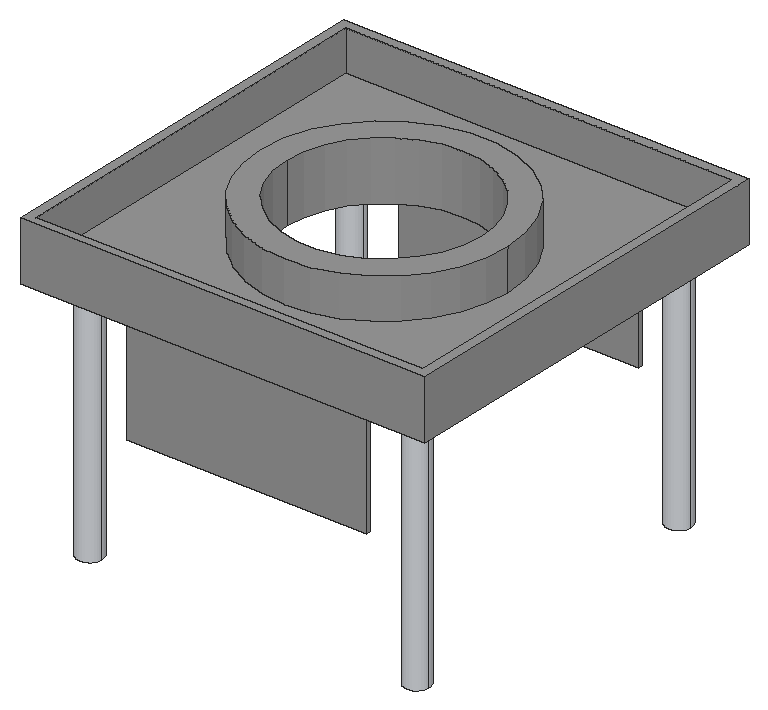
Revit family "Nivellierbare Schwerlastkassette für Tubus, RKFNSL, 20, 4", category Generic Models, Revit 2015
Parameters (values of type "RKFN2 4 VMSL1N20")
  Width = 199 mm
  URL = "http://www.obo-bettermann.com"
  Material = Stainless Steel, Polished
  Manufacturer Art.No. = "7409384"
  Manufacturer = "OBO Bettermann"
  Length = 199 mm
  HeightCalc = if(Height < 105 mm, 105 mm, (if(Height > 155 mm, 155 mm, Height)))  # 150 mm
  Height 1 = 29 mm
  Height = 150 mm
  GTIN = "4012195869207"
  Cut depth = 20 mm
  Article Type = "RKFN2 4 VMSL1N20"
Reference planes
  plane 1 "Center (Front/Back)": y = 0
  plane 2: z = 0
  plane 3 "Center (Left/Right)": x = 0
  plane 4: z = 121
  plane 5: y = 99.5
  plane 6: y = -99.5
  plane 7: z = 150
  plane 8: z = 60
  plane 9: z = 130
Forms (mm)
  Extrusion 1, solid
    sketch origin (0, 0, 0) x (1, 0, 0) y (0, 1, 0)
      loop
        circle (-80.5, -80.5) r 6
      loop
        circle (-80.5, 80.5) r 6
      loop
        circle (80.5, 80.5) r 6
      loop
        circle (80.5, -80.5) r 6
    from 0 to 121
  Extrusion 2, solid, material "Stainless Steel, Polished" <- "Material"
    sketch origin (0, 0, 0) x (1, 0, 0) y (0, 0, 1)
      loop
        line (-99.5, 150) -> (-99.5, 121) -> (99.5, 121) -> (99.5, 150) -> (-99.5, 150)
    from -99.5 to 99.5
  Extrusion 3, solid, material "Stainless Steel, Polished" <- "Material"
    sketch origin (0, 0, 0) x (1, 0, 0) y (0, 1, 0)
      loop
        line (-59, 84.5) -> (-59, 82.5) -> (59, 82.5) -> (59, 84.5) -> (-59, 84.5)
      loop
        line (-59, -82.5) -> (-59, -84.5) -> (59, -84.5) -> (59, -82.5) -> (-59, -82.5)
    from 60 to 121
  Extrusion 4, void
    sketch origin (0, 0, 0) x (1, 0, 0) y (0, 1, 0)
      loop
        line (-95.3, 95.3) -> (-95.3, -95.3) -> (95.3, -95.3) -> (95.3, 95.3) -> (-95.3, 95.3)
      loop
        circle (0, 0) r 61
    from 130 to 150
  Extrusion 5, void
    sketch origin (0, 0, 0) x (1, 0, 0) y (0, 1, 0)
      loop
        circle (0, 0) r 47.77
    from 121 to 150
Cuts and joins
  Extrusion 4 cuts Extrusion 1
  Extrusion 4, Extrusion 5 cuts Extrusion 2
  Extrusion 4 cuts Extrusion 3
Dimensions and locks
  locked: Extrusion 1 sketch curve to plane 1 "Center (Front/Back)" at 74.5  (x2)
  locked: Extrusion 1 sketch curve to plane 3 "Center (Left/Right)" at 80.5  (x2)
  locked: plane 1 "Center (Front/Back)" to Extrusion 1 sketch curve at 74.5  (x2)
  locked: plane 3 "Center (Left/Right)" to Extrusion 1 sketch curve at 80.5  (x2)
  "Width": Extrusion 2 sketch curve to Extrusion 2 sketch curve
  locked: plane 3 "Center (Left/Right)" to Extrusion 2 sketch curve at 99.5
  locked: Extrusion 2 sketch curve to Extrusion 2 sketch curve at 29
  "HeightCalc": plane 7 to level
  "Height 1": plane 7 to plane 4
  locked: Extrusion 3 sketch curve to Extrusion 3 sketch curve at 118  (x2)
  equal spacing: Extrusion 3 sketch curve, plane 3 "Center (Left/Right)", Extrusion 3 sketch curve, locked at 59 each  (x2)
  locked: Extrusion 3 sketch curve to Extrusion 2 at 15  (x2)
  locked: Extrusion 3 sketch curve to Extrusion 3 sketch curve at 2  (x2)
  locked: plane 4 to plane 8 at 61
  locked: Extrusion 4 sketch curve to Extrusion 4 sketch curve at 190.6  (x2)
  equal spacing: Extrusion 4 sketch curve, plane 3 "Center (Left/Right)", Extrusion 4 sketch curve, locked at 95.3 each
  equal spacing: Extrusion 4 sketch curve, plane 1 "Center (Front/Back)", Extrusion 4 sketch curve, locked at 95.3 each
  "Cut depth": plane 7 to plane 9
  "Length": plane 5 to plane 6
  equal spacing: plane 5, plane 1 "Center (Front/Back)", plane 6, locked at 99.5 each
  diameter of Extrusion 1 sketch curve = 12 mm  (x3)
  aligned and locked: level to plane 2
  aligned and locked: plane 4 to Extrusion 1
  aligned and locked: plane 4 to Extrusion 2 sketch curve
  aligned and locked: plane 6 to Extrusion 2
  aligned and locked: Extrusion 2 to plane 5
  aligned and locked: plane 7 to Extrusion 2
  aligned and locked: Extrusion 1 to Extrusion 3
  aligned and locked: Extrusion 3 to plane 8
  aligned and locked: cut or joined group of Extrusion 2, Extrusion 4, Extrusion 5 to Extrusion 4
  aligned and locked: Extrusion 4 to plane 9
  aligned and locked: Extrusion 2 to Extrusion 5  (x2)
Automatic sketch dimensions
  Extrusion 1 sketch curve to plane 6 = 19 mm
  plane 1 "Center (Front/Back)" to Extrusion 4 sketch curve = 0 mm
  Extrusion 4 sketch curve to plane 3 "Center (Left/Right)" = 0 mm
  plane 1 "Center (Front/Back)" to Extrusion 5 sketch curve = 0 mm
  Extrusion 5 sketch curve to plane 3 "Center (Left/Right)" = 0 mm
  radius of Extrusion 4 sketch curve = 61 mm
  radius of Extrusion 5 sketch curve = 47.77 mm
